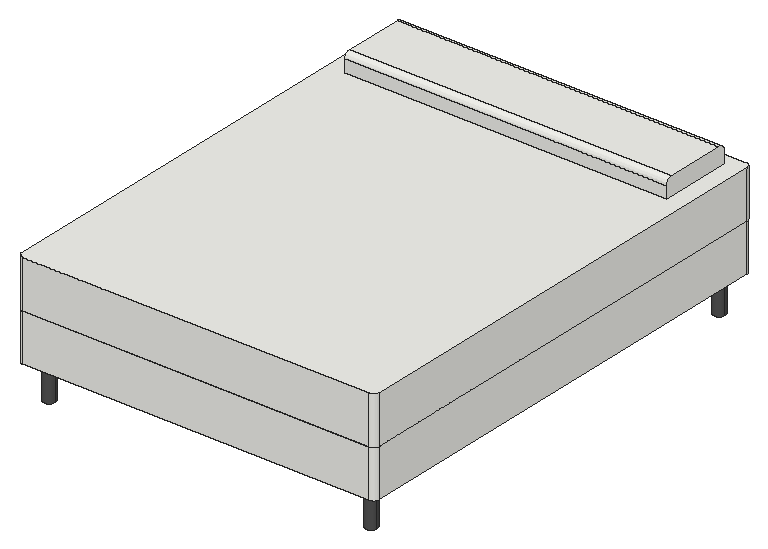
Revit family
Parameters (values of type "1525 x 2007mm - Queen")
  Leg Material = Metal - Chrome
  Length = 2007.00 mm
  Mattress Material = Textile - White
  Width = 1525.00 mm
Types (5, lengths in mm): name | Length | Width
  (no name) | 2007.00 | 1525.00
  1372 x 1905mm - Double | 1905.00 | 1372.00
  0965 x 1905mm - Twin | 1905.00 | 965.00
  1525 x 2007mm - Queen | 2007.00 | 1525.00
  1981 x 2032mm - King | 2032.00 | 1981.00
Reference planes
  plane 1 "Center (Front/Back)": y = -45.595
  plane 2: z = 0
  plane 3 "Center (Left/Right)": x = 271.489
  plane 4: y = 957.905
  plane 5: y = -1049.095
  plane 6: x = 1033.989
  plane 7: x = -491.011
  plane 8: x = -414.811
  plane 9: x = 957.789
  plane 10: y = 881.705
  plane 11: y = -972.895
Forms (mm)
  Extrusion 1, solid, material "Textile - White"
    sketch origin (0, 0, 355.6) x (1, 0, 0) y (0, 1, 0)
      loop
        line (1008.589, 957.905) -> (-465.611, 957.905)
        arc (-465.611, 957.905) -> (-483.572, 950.465) -> (-491.011, 932.505) r 25.4
        line (-491.011, 932.505) -> (-491.011, -1023.695)
        arc (-491.011, -1023.695) -> (-483.572, -1041.656) -> (-465.611, -1049.095) r 25.4
        line (-465.611, -1049.095) -> (1008.589, -1049.095)
        arc (1008.589, -1049.095) -> (1026.549, -1041.656) -> (1033.989, -1023.695) r 25.4
        line (1033.989, -1023.695) -> (1033.989, 932.505)
        arc (1033.989, 932.505) -> (1026.549, 950.465) -> (1008.589, 957.905) r 25.4
    from 0 to 203.2
  Extrusion 2, solid, material "Metal - Chrome"
    sketch origin (0, 0, 0) x (1, 0, 0) y (0, 1, 0)
      loop
        circle (-414.811, 881.705) r 25.4
      loop
        circle (957.789, 881.705) r 25.4
      loop
        circle (957.789, -972.895) r 25.4
      loop
        circle (-414.811, -972.895) r 25.4
    from 0 to 152.4
  Extrusion 3, solid, material "Textile - White"
    sketch origin (1033.989, 0, 0) x (0, -1, 0) y (0, 0, 1)
      loop
        line (-907.105, 558.8) -> (-602.305, 558.8) -> (-602.305, 609.6)
        arc (-602.305, 609.6) -> (-609.744, 627.561) -> (-627.705, 635) r 25.4
        line (-627.705, 635) -> (-881.705, 635)
        arc (-881.705, 635) -> (-899.665, 627.561) -> (-907.105, 609.6) r 25.4
        line (-907.105, 609.6) -> (-907.105, 558.8)
    from 76.2 to 1448.8
  Extrusion 4, solid, material "Textile - White"
    sketch origin (0, 0, 0) x (1, 0, 0) y (0, 1, 0)
      loop
        line (-491.011, 932.505) -> (-491.011, -1023.695)
        arc (-491.011, -1023.695) -> (-483.572, -1041.656) -> (-465.611, -1049.095) r 25.4
        line (-465.611, -1049.095) -> (1008.589, -1049.095)
        arc (1008.589, -1049.095) -> (1026.549, -1041.656) -> (1033.989, -1023.695) r 25.4
        line (1033.989, -1023.695) -> (1033.989, 932.505)
        arc (1033.989, 932.505) -> (1026.549, 950.465) -> (1008.589, 957.905) r 25.4
        line (1008.589, 957.905) -> (-465.611, 957.905)
        arc (-465.611, 957.905) -> (-483.572, 950.465) -> (-491.011, 932.505) r 25.4
    from 152.4 to 355.6
Lines and regions (mm)
  Masking region 1
    outline origin (0, 0, 0) x (1, 0, 0) y (0, 1, 0)
      loop
        line (-491.011, 957.905) -> (-491.011, -1049.095) -> (1033.989, -1049.095) -> (1033.989, 957.905) -> (-491.011, 957.905)
  symbolic lines
    curve 1: line (-491.011, 957.905, 0) -> (1033.989, 957.905, 0)
    curve 2: line (-491.011, 957.905, 0) -> (-491.011, -1049.095, 0)
    curve 3: line (-491.011, -1049.095, 0) -> (1033.989, -1049.095, 0)
    curve 4: line (1033.989, 957.905, 0) -> (1033.989, -1049.095, 0)
    curve 5: line (-414.811, 907.105, 0) -> (957.789, 907.105, 0)
    curve 6: line (-414.811, 907.105, 0) -> (-414.811, 602.105, 0)
    curve 7: line (-414.811, 602.105, 0) -> (957.789, 602.105, 0)
    curve 8: line (957.789, 907.105, 0) -> (957.789, 602.105, 0)
    curve 9: line (1033.989, 602.105, 0) -> (-491.011, 384.183, 0)
Dimensions and locks
  equal spacing: plane 7, plane 3 "Center (Left/Right)", plane 6
  equal spacing: plane 5, plane 1 "Center (Front/Back)", plane 4
  "Width": plane 7 to plane 6
  "Length": plane 5 to plane 4
  locked: plane 10 to plane 4 at 76.2
  locked: plane 5 to plane 11 at 76.2
  locked: plane 7 to plane 8 at 76.2
  locked: plane 9 to plane 6 at 76.2
  Extrusion 1 to Extrusion 3 = 76.20 mm
  Extrusion 3 to Extrusion 1 = 76.20 mm
  aligned and locked: Masking region 1 sketch curve to plane 7
  aligned and locked: Masking region 1 sketch curve to plane 5
  aligned and locked: plane 6 to Masking region 1 sketch curve
  aligned and locked: plane 4 to Masking region 1 sketch curve
Automatic sketch dimensions
  Extrusion 1 sketch curve to plane 7 = 0.00 mm
  Extrusion 1 sketch curve to plane 4 = 0.00 mm
  Extrusion 1 sketch curve to plane 5 = 0.00 mm
  Extrusion 1 sketch curve to plane 6 = 0.00 mm
  Extrusion 1 sketch curve to plane 7 = 25.40 mm  (x2)
  plane 4 to Extrusion 1 sketch curve = 25.40 mm
  plane 6 to Extrusion 1 sketch curve = 25.40 mm
  Extrusion 2 sketch curve to plane 11 = 0.00 mm  (x2)
  Extrusion 2 sketch curve to plane 8 = 0.00 mm  (x2)
  Extrusion 2 sketch curve to plane 10 = 0.00 mm  (x2)
  Extrusion 2 sketch curve to plane 9 = 0.00 mm  (x2)
  Extrusion 2 sketch curve to Extrusion 2 sketch curve = 25.40 mm  (x2)
  Extrusion 2 sketch curve to plane 7 = 50.80 mm
  plane 9 to Extrusion 2 sketch curve = 25.40 mm
  Extrusion 4 sketch curve to plane 7 = 0.00 mm
  Extrusion 4 sketch curve to plane 4 = 0.00 mm
  Extrusion 4 sketch curve to plane 5 = 0.00 mm
  Extrusion 4 sketch curve to plane 6 = 0.00 mm
  Extrusion 4 sketch curve to plane 7 = 25.40 mm  (x2)
  plane 6 to Extrusion 4 sketch curve = 25.40 mm
  plane 4 to Extrusion 4 sketch curve = 25.40 mm
  plane 4 to Extrusion 3 sketch curve = 50.80 mm
  Extrusion 3 sketch curve to Extrusion 3 sketch curve = 25.40 mm  (x2)
  Extrusion 3 sketch curve to Extrusion 3 sketch curve = 50.80 mm
  Extrusion 3 sketch curve to Extrusion 3 sketch curve = 254.00 mm
  level to Extrusion 3 sketch curve = 558.80 mm
  curve 3 to plane 5 = 0.00 mm
  curve 3 to plane 7 = 0.00 mm
  curve 3 to plane 6 = 0.00 mm
  curve 4 to plane 4 = 0.00 mm
  curve 6 to plane 7 = 76.20 mm
  curve 5 to curve 1 = 76.20 mm
  curve 9 to plane 1 "Center (Front/Back)" = 429.778 mm
  curve 9 to curve 7 = 217.922 mm
  curve 9 to curve 7 = 0.00 mm
  plane 4 to curve 6 = 50.80 mm
